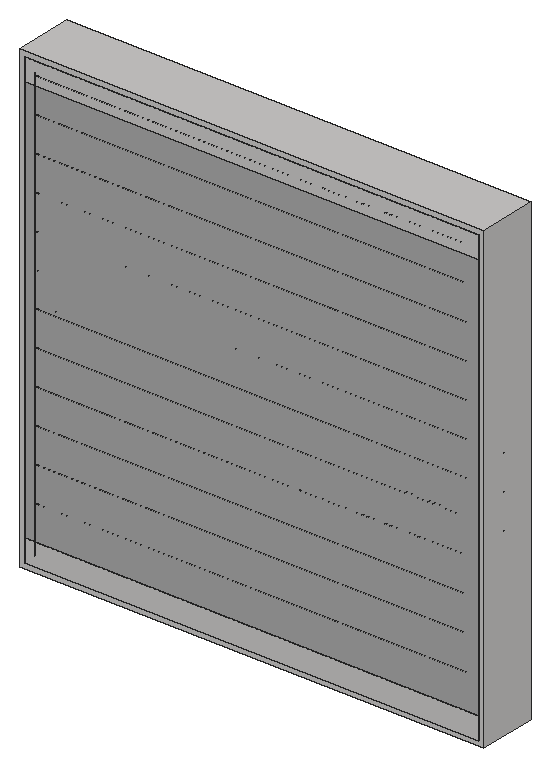
Revit family
Parameters (values of type "Louver_Frmd-Mtl_SFD-635_All-Lite")
  URL = "http://www.alllite-louvers.com"
  Specifications = "http://www.alllite-louvers.com/catalog/ASFD-635-csi-specification.doc"
  Spacing = 0.313 ft
  SmartBIM Object Version = 3  # constant formula
  SmartBIM Object Created By = "Reed Construction Data"  # constant formula
  Shim Thickness = 0.042 ft
  Screen Width = Width - (2 * Shim Thickness)  # 3.916 ft
  Screen Height = Height - ((2 * 0.197917 ft) + (2 * Shim Thickness))  # 3.520167 ft
  Screen = Aluminum
  Rough Width = 0.0 ft
  Rough Height = 0.0 ft
  Product URL = "http://www.alllite-louvers.com/catalog.php?model=SFD-635"
  Pressure Loss (in.wg.) = "0.08"  # constant formula
  OmniClass Title = "Exterior Louvers and Grilles"  # constant formula
  OmniClass Code = "23-60 11 17"  # constant formula
  Model Number = "SFD-635"  # constant formula
  Minimum Size = "12\" x 12\""
  Maximum Size - Single Section = "60\" x 120\" or 120\" x 60\""
  Maximum Size - Multiple Section = "Unlimited"
  Manufacturer = "All-Lite"  # constant formula
  Louver Width = Width - (2 * Shim Thickness) - 0.166667 ft  # 3.749333 ft
  Louver = Galvannealed Steel
  Height = 4.0 ft
  Free Area for 48”x48” Louver = "61.7%"
  Free Area Velocity (fpm) = "815"  # constant formula
  Free Area (ft²) for 48"x48" Louver = 9.9 ft
  Frame = Galvannealed Steel
  Default Sill Height = 3.0 ft
  Wall Closure = (empty or 0)
  Width = 4.0 ft
  Cut Sheet = "http://www.alllite-louvers.com/catalog/ASFD635.pdf"
  Assembly Code = "B2010300"
  Air Volume Delivered (cfm) = "8,044"  # constant formula
  95 CSI = "10200 "  # constant formula
  04 CSI = "08 91 00"  # constant formula
  # of Louvers = (Height - 0.25 ft) / (Spacing)  # 12
Reference planes (ft)
  plane 1 "Center (Front/Back)": y = 0
  plane 2: z = 0.291667
  plane 3 "Center (Left/Right)": x = 0
  plane 4 "Left": x = -2
  plane 5 "Right": x = 2
  plane 6 "Sill": z = 3.291667
  plane 7 "Top": z = 7.291667
  plane 8: x = -1.958
  plane 9: x = 1.958
  plane 10: z = 7.249667
  plane 11: z = 3.333667
  plane 12: z = 5.291667
  plane 13: z = 3.417
  plane 14: z = 3.500333
  plane 15: z = 7.166333
Forms (ft)
  Sweep 1, solid, material "Galvannealed Steel" <- "Frame"
    path origin (-5, 0.333333, 0) x (-1, 0, 0) y (0, 0, 1)
      loop
        line (-6.958, 7.249667) -> (-3.042, 7.249667)
    profile "Horizontal Mullion : Horizontal Mullion" origin (0, 0.333333, 7.249667) x (0, 0, 1) y (0, 1, 0)
      loop
        line (0, 0) -> (-0.083333, 0) -> (-0.083333, -0.499878) -> (-0.197917, -0.499878) -> (-0.197917, -0.506628) -> (0, -0.506628) -> (0, -0.464961) -> (-0.00675, -0.464961) -> (-0.00675, -0.499878) -> (-0.076583, -0.499878) -> (-0.076583, -0.006628) -> (-0.00675, -0.006628) -> (-0.00675, -0.041545) -> (0, -0.041545) -> (0, 0)
  Sweep 2, solid, material "Galvannealed Steel" <- "Frame"
    path origin (-5, 0.333333, 0) x (-1, 0, 0) y (0, 0, 1)
      loop
        line (-6.958, 3.333667) -> (-3.042, 3.333667)
    profile "Horizontal Mullion : Horizontal Mullion" origin (0, 0.333333, 3.333667) x (0, 0, 1) y (0, 1, 0)
      loop
        line (0, 0) -> (0, -0.041545) -> (0.00675, -0.041545) -> (0.00675, -0.006628) -> (0.076583, -0.006628) -> (0.076583, -0.499878) -> (0.00675, -0.499878) -> (0.00675, -0.464961) -> (0, -0.464961) -> (0, -0.506628) -> (0.197917, -0.506628) -> (0.197917, -0.499878) -> (0.083333, -0.499878) -> (0.083333, 0) -> (0, 0)
  Sweep 3, solid, material "Galvannealed Steel" <- "Frame"
    path origin (-5, 0.333333, 0) x (-1, 0, 0) y (0, 0, 1)
      loop
        line (-6.958, 3.417) -> (-6.958, 7.166333)
    profile "Vertical Mullion : Vertical Mullion" origin (1.958, 0.333333, 5.291667) x (1, 0, 0) y (0, 1, 0)
      loop
        line (0, -0.46875) -> (-0.010417, -0.46875) -> (-0.010417, -0.489583) -> (-0.072917, -0.489583) -> (-0.072917, -0.010417) -> (-0.010417, -0.010417) -> (-0.010417, -0.03125) -> (0, -0.03125) -> (0, 0) -> (-0.083333, 0) -> (-0.083333, -0.5) -> (0, -0.5) -> (0, -0.46875)
  Sweep 4, solid, material "Galvannealed Steel" <- "Frame"
    path origin (5, 0.333333, 0) x (1, 0, 0) y (0, 0, -1)
      loop
        line (-6.958, -3.417) -> (-6.958, -7.166333)
    profile "Vertical Mullion : Vertical Mullion" origin (-1.958, 0.333333, 5.291667) x (1, 0, 0) y (0, 1, 0)
      loop
        line (0, -0.46875) -> (0, -0.5) -> (0.083333, -0.5) -> (0.083333, 0) -> (0, 0) -> (0, -0.03125) -> (0.010417, -0.03125) -> (0.010417, -0.010417) -> (0.072917, -0.010417) -> (0.072917, -0.489583) -> (0.010417, -0.489583) -> (0.010417, -0.46875) -> (0, -0.46875)
  Sweep 5, solid, material "Galvannealed Steel" <- "Frame"
    path origin (-5, 0.333333, 0) x (-1, 0, 0) y (0, 0, 1)
      loop
        line (-3, 7.291667) -> (-7, 7.291667) -> (-7, 3.291667) -> (-3, 3.291667) -> (-3, 7.291667)
    profile origin (-2, 0.333333, 5.291667) x (0, 1, 0) y (-1, 0, 0)
      loop
        line (0, 0) -> (-0.506628, 0) -> (-0.506628, -0.042) -> (0, -0.042) -> (0, 0)
  Extrusion 6, solid, material "Aluminum" <- "Screen"
    sketch origin (0, 0, 0) x (1, 0, 0) y (0, 1, 0)
      loop
        line (-1.958, -0.166667) -> (-1.958, -0.173295) -> (1.958, -0.173295) -> (1.958, -0.166667) -> (-1.958, -0.166667)
    from 3.531583 to 7.05175
Lines and regions (ft)
  Opening 1
    outline origin (-5, -0.333333, 0) x (1, 0, 0) y (0, 0, 1)
      loop
        line (3, 7.291667) -> (3, 3.291667) -> (7, 3.291667) -> (7, 7.291667) -> (3, 7.291667)
  Masking region 1, detail levels fine
    outline origin (0, 0, 0) x (1, 0, 0) y (0, 1, 0)
      loop
        line (-1.958, 0.302083) -> (-1.947583, 0.302083) -> (-1.947583, 0.322917) -> (-1.885083, 0.322917) -> (-1.885083, -0.15625) -> (-1.947583, -0.15625) -> (-1.947583, -0.135417) -> (-1.958, -0.135417) -> (-1.958, -0.166667) -> (-1.874667, -0.166667) -> (-1.874667, 0.333333) -> (-1.958, 0.333333) -> (-1.958, 0.302083)
      loop
        line (1.947583, 0.302083) -> (1.958, 0.302083) -> (1.958, 0.333333) -> (1.874667, 0.333333) -> (1.874667, -0.166667) -> (1.958, -0.166667) -> (1.958, -0.135417) -> (1.947583, -0.135417) -> (1.947583, -0.15625) -> (1.885083, -0.15625) -> (1.885083, 0.322917) -> (1.947583, 0.322917) -> (1.947583, 0.302083)
  Masking region 2, detail levels coarse+medium
    outline origin (0, 0, 0) x (1, 0, 0) y (0, 1, 0)
      loop
        line (-2, 0.333333) -> (-2, -0.173295) -> (-1.874667, -0.173295) -> (-1.874667, 0.333333) -> (-2, 0.333333)
      loop
        line (1.874667, 0.333333) -> (1.874667, -0.173295) -> (2, -0.173295) -> (2, 0.333333) -> (1.874667, 0.333333)
Text (ft)
  text "EXTERIOR" at (-4.890733, 4.242245, 0), in view "Ref. Level"
  text "INTERIOR" at (-4.890733, -3.147199, 0), in view "Ref. Level"
  text "Exterior" at (0, 3.638026, 10.266337), in view "Left"
  text "Exterior" at (0, 1.524487, 10.420622), in view "Right"
Dimensions and locks (ft)
  equal spacing: plane 4 "Left", plane 3 "Center (Left/Right)", plane 5 "Right"
  "Width": plane 4 "Left" to plane 5 "Right"
  "Height": plane 6 "Sill" to plane 7 "Top"
  "Default Sill Height": plane 2 to plane 6 "Sill"
  "Shim Thickness": plane 4 "Left" to plane 8
  "Shim Thickness": plane 9 to plane 5 "Right"
  "Shim Thickness": plane 10 to plane 7 "Top"
  "Shim Thickness": plane 6 "Sill" to plane 11
  equal spacing: plane 11, plane 12, plane 10
  locked: plane 13 to plane 11 at 0.083333
  locked: plane 14 to plane 13 at 0.083333
  equal spacing: group 1, group 3, group 4, group 5, group 6, group 7, group 8, group 9, group 10, group 11, group 12, group 2  (x3)
  locked: plane 10 to plane 15 at 0.083333
  aligned and locked: plane 7 "Top" to Opening 1 sketch curve
  aligned and locked: plane 6 "Sill" to Opening 1 sketch curve  (x2)
  aligned and locked: plane 5 "Right" to Opening 1 sketch curve
  aligned and locked: plane 4 "Left" to Opening 1 sketch curve
  aligned and locked: plane 10 to Sweep 1 sketch curve
  aligned and locked: plane 8 to Sweep 1 sketch curve
  aligned and locked: plane 9 to Sweep 1 sketch curve
  aligned and locked: Sweep 2 sketch curve to plane 11
  aligned and locked: plane 9 to Sweep 2 sketch curve
  aligned and locked: plane 8 to Sweep 2 sketch curve
  aligned and locked: plane 9 to Sweep 3 sketch curve
  aligned and locked: Sweep 4 sketch curve to plane 8
  aligned and locked: Sweep 1 to Sweep 4 sketch curve
  aligned and locked: Sweep 5 sketch curve to plane 4 "Left"
  aligned and locked: Sweep 5 sketch curve to plane 7 "Top"
  aligned and locked: Sweep 5 sketch curve to plane 6 "Sill"
  aligned and locked: Sweep 5 sketch curve to plane 5 "Right"
  aligned and locked: Sweep 5 sketch curve to host wall  (x2)
  aligned and locked: plane 8 to Sweep 5 sketch curve
  aligned and locked: plane 3 "Center (Left/Right)" to nested 1
  aligned and locked: Sweep 3 sketch curve to Sweep 1
  aligned and locked: plane 13 to Sweep 3 sketch curve
  aligned and locked: Extrusion 6 sketch curve to plane 8
  aligned and locked: Extrusion 6 sketch curve to Sweep 4
  aligned and locked: Extrusion 6 sketch curve to Sweep 2
  aligned and locked: plane 9 to Extrusion 6 sketch curve
  aligned and locked: Extrusion 6 to Sweep 2
  aligned and locked: Extrusion 6 to Sweep 1
  aligned and locked: plane 14 to nested 1
  aligned and locked: nested 1 to Sweep 4
  aligned and locked: nested 2 to Sweep 4
  aligned and locked: nested 2 to plane 15
  aligned and locked: Sweep 5 sketch curve to Sweep 2
  aligned and locked: Masking region 1 sketch curve to Sweep 4  (x9)
  aligned and locked: Sweep 5 to Masking region 1 sketch curve
  aligned and locked: Extrusion 6 to Masking region 1 sketch curve
  aligned and locked: Masking region 1 sketch curve to Sweep 3  (x9)
  aligned and locked: Masking region 1 sketch curve to Sweep 5
  aligned and locked: Masking region 1 sketch curve to Extrusion 6
  aligned and locked: Masking region 2 sketch curve to host wall
  aligned and locked: Sweep 5 to Masking region 2 sketch curve  (x2)
  aligned and locked: Masking region 2 sketch curve to Sweep 4
  aligned and locked: Masking region 2 sketch curve to Sweep 2
  aligned and locked: Masking region 2 sketch curve to Sweep 3  (x2)
  aligned and locked: Masking region 2 sketch curve to Sweep 5
Automatic sketch dimensions
  Sweep 4 sketch curve to plane 13 = 0.0 ft
  Masking region 1 sketch curve to plane 8 = 0.0 ft
  Masking region 1 sketch curve to plane 9 = 0.0 ft
Nested families (ft)
  nested 1: "Louver" at (0, 0.102022, 3.500333), type "Louver"
  nested 2: "Louver" at (0, 0.102022, 6.805979), type "Louver"
  nested 3: "Louver" at (0, 0.102022, 3.800847), type "Louver"
  nested 4: "Louver" at (0, 0.102022, 4.10136), type "Louver"
  nested 5: "Louver" at (0, 0.102022, 4.401873), type "Louver"
  nested 6: "Louver" at (0, 0.102022, 4.702386), type "Louver"
  nested 7: "Louver" at (0, 0.102022, 5.0029), type "Louver"
  nested 8: "Louver" at (0, 0.102022, 5.303413), type "Louver"
  nested 9: "Louver" at (0, 0.102022, 5.603926), type "Louver"
  nested 10: "Louver" at (0, 0.102022, 5.904439), type "Louver"
  nested 11: "Louver" at (0, 0.102022, 6.204953), type "Louver"
  nested 12: "Louver" at (0, 0.102022, 6.505466), type "Louver"
Connectors (ft)
  hvac at (0, -0.173295, 5.291667), driven by "Screen Width", driven by "Screen Height"
    settings: on Extrusion 6, index 1
Definition of nested family "Louver"
  Parameters (values of type "Louver")
    Louver Length = 3.75 ft
    Louver Array = yes
    Louver = All-Lite - El Cajon Silver
    Assembly Code = ""
  Reference planes (ft)
    plane 1 "Center (Front/Back)": y = -0.085938
    plane 2: z = 0
    plane 3 "Center (Left/Right)": x = 0
    plane 4: x = -1.875
    plane 5: x = 1.875
    plane 6: y = 0.220894
    plane 7: z = 0.360354
  Forms (ft)
    Extrusion 1, solid, material "All-Lite - El Cajon Silver" <- "Louver"
      sketch origin (0, -0.024753, 0) x (0, 1, 0) y (0, 0, 1)
        loop
          line (0.245647, 0.002149) -> (0.245647, 0.041667)
          arc (0.245647, 0.041667) -> (0.242999, 0.044315) -> (0.240351, 0.041667) r 0.002648
          line (0.240351, 0.041667) -> (0.240351, 0.007499)
          arc (0.240351, 0.007499) -> (0.239767, 0.006088) -> (0.238356, 0.005504) r 0.001995
          line (0.238356, 0.005504) -> (0.217663, 0.005504)
          arc (0.217663, 0.005504) -> (0.216097, 0.005745) -> (0.214676, 0.006446) r 0.005208
          line (0.214676, 0.006446) -> (0.166765, 0.039993) -> (0.160747, 0.052898)
          arc (0.160747, 0.052898) -> (0.159014, 0.054963) -> (0.156481, 0.055885) r 0.005208
          line (0.156481, 0.055885) -> (0.142296, 0.057126) -> (-0.110794, 0.234342) -> (-0.116812, 0.247247)
          arc (-0.116812, 0.247247) -> (-0.118545, 0.249312) -> (-0.121078, 0.250234) r 0.005208
          line (-0.121078, 0.250234) -> (-0.136225, 0.25156) -> (-0.230447, 0.317535)
          arc (-0.230447, 0.317535) -> (-0.232079, 0.319396) -> (-0.232668, 0.321801) r 0.005208
          line (-0.232668, 0.321801) -> (-0.232668, 0.35775)
          arc (-0.232668, 0.35775) -> (-0.235272, 0.360354) -> (-0.237876, 0.35775) r 0.002604
          line (-0.237876, 0.35775) -> (-0.237876, 0.31909)
          arc (-0.237876, 0.31909) -> (-0.237288, 0.316685) -> (-0.235655, 0.314823) r 0.005208
          line (-0.235655, 0.314823) -> (-0.137843, 0.246334) -> (-0.132233, 0.234304)
          arc (-0.132233, 0.234304) -> (-0.1305, 0.232239) -> (-0.127966, 0.231317) r 0.005208
          line (-0.127966, 0.231317) -> (-0.113782, 0.230076) -> (0.139309, 0.05286) -> (0.145326, 0.039955)
          arc (0.145326, 0.039955) -> (0.147059, 0.03789) -> (0.149593, 0.036968) r 0.005208
          line (0.149593, 0.036968) -> (0.163777, 0.035727) -> (0.213455, 0.000942)
          arc (0.213455, 0.000942) -> (0.214877, 0.000241) -> (0.216443, 0) r 0.005208
          line (0.216443, 0) -> (0.243499, 0)
          arc (0.243499, 0) -> (0.245018, 0.000629) -> (0.245647, 0.002149) r 0.002149
        loop
          line (0.14564, 0.051606) -> (0.148776, 0.044882)
          arc (0.148776, 0.044882) -> (0.150509, 0.042816) -> (0.153042, 0.041894) r 0.005208
          line (0.153042, 0.041894) -> (0.160433, 0.041248) -> (0.157298, 0.047972)
          arc (0.157298, 0.047972) -> (0.155565, 0.050037) -> (0.153031, 0.050959) r 0.005208
          line (0.153031, 0.050959) -> (0.14564, 0.051606)
        loop
          line (-0.131919, 0.245955) -> (-0.128783, 0.239231)
          arc (-0.128783, 0.239231) -> (-0.12705, 0.237165) -> (-0.124517, 0.236243) r 0.005208
          line (-0.124517, 0.236243) -> (-0.117126, 0.235597) -> (-0.120261, 0.242321)
          arc (-0.120261, 0.242321) -> (-0.121994, 0.244386) -> (-0.124528, 0.245308) r 0.005208
          line (-0.124528, 0.245308) -> (-0.131919, 0.245955)
      from -1.875 to 1.875
  Dimensions and locks (ft)
    equal spacing: plane 4, plane 3 "Center (Left/Right)", plane 5
    "Louver Length": plane 4 to plane 5
    aligned and locked: plane 5 to Extrusion 1
    aligned and locked: Extrusion 1 to plane 4
  Automatic sketch dimensions
    Extrusion 1 sketch curve to level = 0.0 ft
    plane 1 "Center (Front/Back)" to Extrusion 1 sketch curve = 0.176692 ft
    Extrusion 1 sketch curve to Extrusion 1 sketch curve = 0.002221 ft  (x2)
    Extrusion 1 sketch curve to Extrusion 1 sketch curve = 0.002604 ft
    Extrusion 1 sketch curve to Extrusion 1 sketch curve = 0.0 ft
    Extrusion 1 sketch curve to Extrusion 1 sketch curve = 0.002987 ft  (x6)
    plane 1 "Center (Front/Back)" to Extrusion 1 sketch curve = 0.076658 ft
    Extrusion 1 sketch curve to Extrusion 1 sketch curve = 0.001618 ft
    Extrusion 1 sketch curve to Extrusion 1 sketch curve = 0.00561 ft
    Extrusion 1 sketch curve to Extrusion 1 sketch curve = 0.004306 ft
    Extrusion 1 sketch curve to Extrusion 1 sketch curve = 0.00345 ft  (x2)
    Extrusion 1 sketch curve to Extrusion 1 sketch curve = 0.004266 ft  (x5)
    Extrusion 1 sketch curve to Extrusion 1 sketch curve = 0.001271 ft  (x4)
    Extrusion 1 sketch curve to Extrusion 1 sketch curve = 0.013731 ft
    Extrusion 1 sketch curve to Extrusion 1 sketch curve = 0.0112 ft
    Extrusion 1 sketch curve to Extrusion 1 sketch curve = 0.000454 ft  (x4)
    Extrusion 1 sketch curve to Extrusion 1 sketch curve = 0.000919 ft  (x2)
    Extrusion 1 sketch curve to Extrusion 1 sketch curve = 0.002996 ft  (x3)
    Extrusion 1 sketch curve to Extrusion 1 sketch curve = 0.007391 ft  (x2)
    Extrusion 1 sketch curve to Extrusion 1 sketch curve = 0.003344 ft  (x2)
    level to Extrusion 1 sketch curve = 0.05286 ft
    Extrusion 1 sketch curve to plane 6 = 0.106339 ft
    level to Extrusion 1 sketch curve = 0.039955 ft
    Extrusion 1 sketch curve to Extrusion 1 sketch curve = 0.006018 ft
    Extrusion 1 sketch curve to Extrusion 1 sketch curve = 0.006332 ft
    level to Extrusion 1 sketch curve = 0.036968 ft
    Extrusion 1 sketch curve to Extrusion 1 sketch curve = 0.003801 ft
    level to Extrusion 1 sketch curve = 0.047972 ft
    level to Extrusion 1 sketch curve = 0.041248 ft
    Extrusion 1 sketch curve to Extrusion 1 sketch curve = 0.00472 ft
    level to Extrusion 1 sketch curve = 0.035727 ft
    level to Extrusion 1 sketch curve = 0.039993 ft
    level to Extrusion 1 sketch curve = 0.000942 ft
    Extrusion 1 sketch curve to plane 6 = 0.032192 ft
    Extrusion 1 sketch curve to Extrusion 1 sketch curve = 0.00122 ft
    Extrusion 1 sketch curve to Extrusion 1 sketch curve = 0.001767 ft
    level to Extrusion 1 sketch curve = 0.005504 ft
    Extrusion 1 sketch curve to plane 6 = 0.007291 ft
    Extrusion 1 sketch curve to plane 6 = 0.005296 ft
    Extrusion 1 sketch curve to Extrusion 1 sketch curve = 0.002648 ft
    Extrusion 1 sketch curve to Extrusion 1 sketch curve = 0.002149 ft
    Extrusion 1 sketch curve to Extrusion 1 sketch curve = 0.001237 ft
    Extrusion 1 sketch curve to Extrusion 1 sketch curve = 0.034168 ft
    Extrusion 1 sketch curve to Extrusion 1 sketch curve = 0.000262 ft  (x3)
    Extrusion 1 sketch curve to Extrusion 1 sketch curve = 0.002725 ft  (x2)
    Extrusion 1 sketch curve to Extrusion 1 sketch curve = 0.001312 ft  (x2)
    Extrusion 1 sketch curve to Extrusion 1 sketch curve = 0.001254 ft
    Extrusion 1 sketch curve to Extrusion 1 sketch curve = 0.002201 ft  (x2)
    Extrusion 1 sketch curve to Extrusion 1 sketch curve = 0.001241 ft
    Extrusion 1 sketch curve to Extrusion 1 sketch curve = 0.005521 ft
    Extrusion 1 sketch curve to Extrusion 1 sketch curve = 0.006167 ft
    Extrusion 1 sketch curve to Extrusion 1 sketch curve = 0.000889 ft
    Extrusion 1 sketch curve to Extrusion 1 sketch curve = 0.000647 ft
    Extrusion 1 sketch curve to Extrusion 1 sketch curve = 0.00038 ft
    Extrusion 1 sketch curve to Extrusion 1 sketch curve = 0.005225 ft
    level to Extrusion 1 sketch curve = 0.230076 ft
    Extrusion 1 sketch curve to Extrusion 1 sketch curve = 0.063264 ft
    Extrusion 1 sketch curve to Extrusion 1 sketch curve = 0.001555 ft
    Extrusion 1 sketch curve to Extrusion 1 sketch curve = 0.035949 ft
